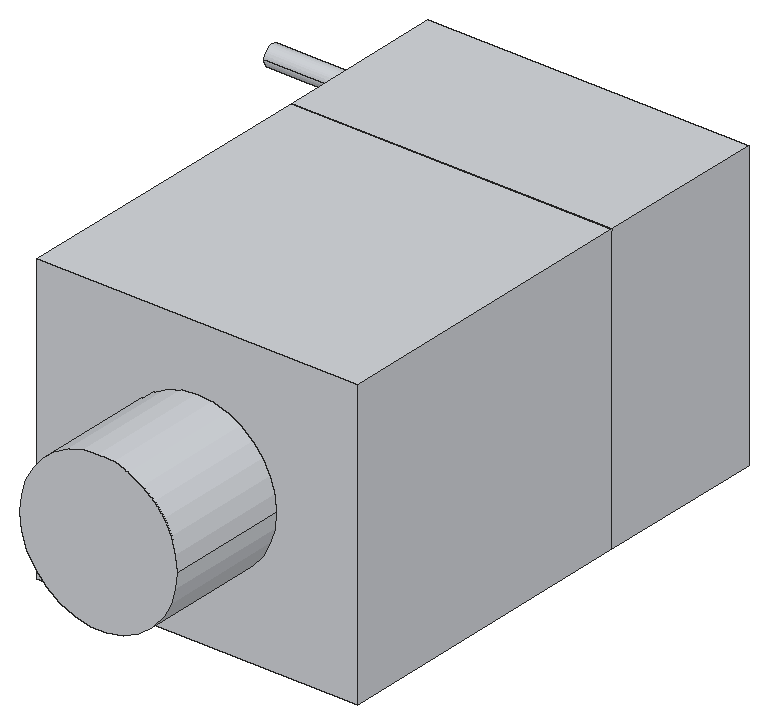
Revit family "EZTS+WITH 4 ROW HWC", category Mechanical Equipment, Revit 2018
Family settings
  Round Connector Dimension = Use Diameter
  Part Type = Normal
  OmniClass Number = 23.75.00.00
  OmniClass Title = Climate Control (HVAC)
  Work Plane-Based = No
  Always vertical = Yes
  Cut with Voids When Loaded = No
  Shared = No
  Room Calculation Point = No
Parameters (values of type "EZTS+0710 W/4 Coil LH NO Controller")
  Width = 1' - 2"
  URL = "https://www.anemostat-hvac.com/"
  Type Comments = ""
  RightController = no
  Power Right Controller = no
  Power Left Controller = no
  PipeVTwo = 0' - 1 1/4"
  PipeVOne = 0' - 1 1/4"
  PipeTwoRH = no
  PipeTwoLH = yes
  PipeRad = PipeDia / 2  # 0' - 0 7/16"
  PipeOneRH = no
  PipeOneLH = yes
  PipeLength = 0' - 4"
  PipeHTwo = 0' - 3 3/4"
  PipeHOne = Coil / 2.05 + Discharge  # 0' - 3.94817"
  PipeDia = 0' - 0 7/8"
  Model = "EZTS+"
  Manufacturer = "ANEMOSTAT PRODUCTS"
  Length = 1' - 2 1/2"
  LeftController = no
  Inlet_S = 0' - 5 3/8"
  InletRadius = InletDia / 2  # 0' - 3 7/16"
  InletDia = 0' - 6 7/8"
  Height = 1' - 0 1/2"
  HWCSlipDrive2Coil = 1' - 6 11/16"
  HWCSlipDrive3Coil = 1' - 7 3/4"
  HWCSlipDrive4Coil = 1' - 9 5/16"
  HWCSlipDrive1Coil = 1' - 5 5/8"
  HWCSlipDrive = 1' - 9 5/16"
  HWCOverlap = 0' - 0 5/8"
  EnslosureRear = 1' - 2 7/32"
  EnclosureWidth = 0' - 7 1/8"
  EnclosureHeight = 0' - 11 3/32"
  EnclosureFront = 0' - 3"
  EnclosureCenter = Height / 2  # 0' - 6 1/4"
  DischargeY = Height - 0' 1 1/4"  # 0' - 11 1/4"
  DischargeX = Width - 0' 1 1/4"  # 1' - 0 3/4"
  Discharge = 0' - 0 5/8"
  Description = "SINGLE DUCT AIR TERMINAL WITH JUMBO HOT WATER HEATING COIL"
  Coil = HWCSlipDrive - Length  # 0' - 6 13/16"
Types (42): name | Width | Type Comments | RightController | Power Right Controller | Power Left Controller | PipeTwoRH | PipeTwoLH | PipeOneRH | PipeOneLH | PipeHOne | Model | Manufacturer | Length | LeftController | InletRadius | InletDia | Height | HWCSlipDrive2Coil | HWCSlipDrive3Coil | HWCSlipDrive4Coil | HWCSlipDrive1Coil | HWCSlipDrive | EnclosureCenter | DischargeY | DischargeX | Description | Coil
  EZTS+0508 W/4 Coil LH NO Controller | 1' - 0" | "" | no | no | no | no | yes | no | yes | 0' - 3.94817" | "EZTS+" | "ANEMOSTAT PRODUCTS" | 1' - 0 1/2" | no | 0' - 2 7/16" | 0' - 4 7/8" | 0' - 10" | 1' - 4 11/16" | 1' - 5 3/4" | 1' - 7 5/16" | 1' - 3 5/8" | 1' - 7 5/16" | 0' - 5" | 0' - 8 3/4" | 0' - 10 3/4" | "SINGLE DUCT AIR TERMINAL WITH JUMBO HOT WATER HEATING COIL" | 0' - 6 13/16"
  EZTS+0608 W/4 Coil LH NO Controller | 1' - 0" | "" | no | no | no | no | yes | no | yes | 0' - 3.94817" | "EZTS+" | "ANEMOSTAT PRODUCTS" | 1' - 0 1/2" | no | 0' - 2 15/16" | 0' - 5 7/8" | 0' - 10" | 1' - 4 11/16" | 1' - 5 3/4" | 1' - 7 5/16" | 1' - 3 5/8" | 1' - 7 5/16" | 0' - 5" | 0' - 8 3/4" | 0' - 10 3/4" | "SINGLE DUCT AIR TERMINAL WITH JUMBO HOT WATER HEATING COIL" | 0' - 6 13/16"
  EZTS+0508 W/4 Coil LH W/Controller LH | 1' - 0" | "" | no | no | yes | no | yes | no | yes | 0' - 3.94817" | "EZTS+" | "ANEMOSTAT PRODUCTS" | 1' - 0 1/2" | yes | 0' - 2 7/16" | 0' - 4 7/8" | 0' - 10" | 1' - 4 11/16" | 1' - 5 3/4" | 1' - 7 5/16" | 1' - 3 5/8" | 1' - 7 5/16" | 0' - 5" | 0' - 8 3/4" | 0' - 10 3/4" | "SINGLE DUCT AIR TERMINAL WITH JUMBO HOT WATER HEATING COIL" | 0' - 6 13/16"
  EZTS+0608 W/4 Coil LH W/Controller LH | 1' - 0" | "" | no | no | yes | no | yes | no | yes | 0' - 3.94817" | "EZTS+" | "ANEMOSTAT PRODUCTS" | 1' - 0 1/2" | yes | 0' - 2 15/16" | 0' - 5 7/8" | 0' - 10" | 1' - 4 11/16" | 1' - 5 3/4" | 1' - 7 5/16" | 1' - 3 5/8" | 1' - 7 5/16" | 0' - 5" | 0' - 8 3/4" | 0' - 10 3/4" | "SINGLE DUCT AIR TERMINAL WITH JUMBO HOT WATER HEATING COIL" | 0' - 6 13/16"
  EZTS+0508 W/4 Coil LH W/Controller RH | 1' - 0" | "" | yes | yes | no | no | yes | no | yes | 0' - 3.94817" | "EZTS+" | "ANEMOSTAT PRODUCTS" | 1' - 0 1/2" | no | 0' - 2 7/16" | 0' - 4 7/8" | 0' - 10" | 1' - 4 11/16" | 1' - 5 3/4" | 1' - 7 5/16" | 1' - 3 5/8" | 1' - 7 5/16" | 0' - 5" | 0' - 8 3/4" | 0' - 10 3/4" | "SINGLE DUCT AIR TERMINAL WITH JUMBO HOT WATER HEATING COIL" | 0' - 6 13/16"
  EZTS+0608 W/4 Coil LH W/Controller RH | 1' - 0" | "" | yes | yes | no | no | yes | no | yes | 0' - 3.94817" | "EZTS+" | "ANEMOSTAT PRODUCTS" | 1' - 0 1/2" | no | 0' - 2 15/16" | 0' - 5 7/8" | 0' - 10" | 1' - 4 11/16" | 1' - 5 3/4" | 1' - 7 5/16" | 1' - 3 5/8" | 1' - 7 5/16" | 0' - 5" | 0' - 8 3/4" | 0' - 10 3/4" | "SINGLE DUCT AIR TERMINAL WITH JUMBO HOT WATER HEATING COIL" | 0' - 6 13/16"
  EZTS+0508 W/4 Coil RH NO Controller | 1' - 0" | "" | no | no | no | yes | no | yes | no | 0' - 3.94817" | "EZTS+" | "ANEMOSTAT PRODUCTS" | 1' - 0 1/2" | no | 0' - 2 7/16" | 0' - 4 7/8" | 0' - 10" | 1' - 4 11/16" | 1' - 5 3/4" | 1' - 7 5/16" | 1' - 3 5/8" | 1' - 7 5/16" | 0' - 5" | 0' - 8 3/4" | 0' - 10 3/4" | "SINGLE DUCT AIR TERMINAL WITH JUMBO HOT WATER HEATING COIL" | 0' - 6 13/16"
  EZTS+0608 W/4 Coil RH NO Controller | 1' - 0" | "" | no | no | no | yes | no | yes | no | 0' - 3.94817" | "EZTS+" | "ANEMOSTAT PRODUCTS" | 1' - 0 1/2" | no | 0' - 2 15/16" | 0' - 5 7/8" | 0' - 10" | 1' - 4 11/16" | 1' - 5 3/4" | 1' - 7 5/16" | 1' - 3 5/8" | 1' - 7 5/16" | 0' - 5" | 0' - 8 3/4" | 0' - 10 3/4" | "SINGLE DUCT AIR TERMINAL WITH JUMBO HOT WATER HEATING COIL" | 0' - 6 13/16"
  EZTS+0508 W/4 Coil RH W/Controller LH | 1' - 0" | "" | no | no | yes | yes | no | yes | no | 0' - 3.94817" | "EZTS+" | "ANEMOSTAT PRODUCTS" | 1' - 0 1/2" | yes | 0' - 2 7/16" | 0' - 4 7/8" | 0' - 10" | 1' - 4 11/16" | 1' - 5 3/4" | 1' - 7 5/16" | 1' - 3 5/8" | 1' - 7 5/16" | 0' - 5" | 0' - 8 3/4" | 0' - 10 3/4" | "SINGLE DUCT AIR TERMINAL WITH JUMBO HOT WATER HEATING COIL" | 0' - 6 13/16"
  EZTS+0608 W/4 Coil RH W/Controller LH | 1' - 0" | "" | no | no | yes | yes | no | yes | no | 0' - 3.94817" | "EZTS+" | "ANEMOSTAT PRODUCTS" | 1' - 0 1/2" | yes | 0' - 2 15/16" | 0' - 5 7/8" | 0' - 10" | 1' - 4 11/16" | 1' - 5 3/4" | 1' - 7 5/16" | 1' - 3 5/8" | 1' - 7 5/16" | 0' - 5" | 0' - 8 3/4" | 0' - 10 3/4" | "SINGLE DUCT AIR TERMINAL WITH JUMBO HOT WATER HEATING COIL" | 0' - 6 13/16"
  EZTS+0508 W/4 Coil RH W/Controller RH | 1' - 0" | "" | yes | yes | no | yes | no | yes | no | 0' - 3.94817" | "EZTS+" | "ANEMOSTAT PRODUCTS" | 1' - 0 1/2" | no | 0' - 2 7/16" | 0' - 4 7/8" | 0' - 10" | 1' - 4 11/16" | 1' - 5 3/4" | 1' - 7 5/16" | 1' - 3 5/8" | 1' - 7 5/16" | 0' - 5" | 0' - 8 3/4" | 0' - 10 3/4" | "SINGLE DUCT AIR TERMINAL WITH JUMBO HOT WATER HEATING COIL" | 0' - 6 13/16"
  EZTS+0608 W/4 Coil RH W/Controller RH | 1' - 0" | "" | yes | yes | no | yes | no | yes | no | 0' - 3.94817" | "EZTS+" | "ANEMOSTAT PRODUCTS" | 1' - 0 1/2" | no | 0' - 2 15/16" | 0' - 5 7/8" | 0' - 10" | 1' - 4 11/16" | 1' - 5 3/4" | 1' - 7 5/16" | 1' - 3 5/8" | 1' - 7 5/16" | 0' - 5" | 0' - 8 3/4" | 0' - 10 3/4" | "SINGLE DUCT AIR TERMINAL WITH JUMBO HOT WATER HEATING COIL" | 0' - 6 13/16"
  EZTS+0710 W/4 Coil LH NO Controller | 1' - 2" | "" | no | no | no | no | yes | no | yes | 0' - 3.94817" | "EZTS+" | "ANEMOSTAT PRODUCTS" | 1' - 2 1/2" | no | 0' - 3 7/16" | 0' - 6 7/8" | 1' - 0 1/2" | 1' - 6 11/16" | 1' - 7 3/4" | 1' - 9 5/16" | 1' - 5 5/8" | 1' - 9 5/16" | 0' - 6 1/4" | 0' - 11 1/4" | 1' - 0 3/4" | "SINGLE DUCT AIR TERMINAL WITH JUMBO HOT WATER HEATING COIL" | 0' - 6 13/16"
  EZTS+0810 W/4 Coil LH NO Controller | 1' - 2" | "" | no | no | no | no | yes | no | yes | 0' - 3.94817" | "EZTS+" | "ANEMOSTAT PRODUCTS" | 1' - 2 1/2" | no | 0' - 3 15/16" | 0' - 7 7/8" | 1' - 0 1/2" | 1' - 6 11/16" | 1' - 7 3/4" | 1' - 9 5/16" | 1' - 5 5/8" | 1' - 9 5/16" | 0' - 6 1/4" | 0' - 11 1/4" | 1' - 0 3/4" | "SINGLE DUCT AIR TERMINAL WITH JUMBO HOT WATER HEATING COIL" | 0' - 6 13/16"
  EZTS+0710 W/4 Coil RH NO Controller | 1' - 2" | "" | no | no | no | yes | no | yes | no | 0' - 3.94817" | "EZTS+" | "ANEMOSTAT PRODUCTS" | 1' - 2 1/2" | no | 0' - 3 7/16" | 0' - 6 7/8" | 1' - 0 1/2" | 1' - 6 11/16" | 1' - 7 3/4" | 1' - 9 5/16" | 1' - 5 5/8" | 1' - 9 5/16" | 0' - 6 1/4" | 0' - 11 1/4" | 1' - 0 3/4" | "Single Duct Assembly with Hot Water Coil" | 0' - 6 13/16"
  EZTS+0810 W/4 Coil RH NO Controller | 1' - 2" | "" | no | no | no | yes | no | yes | no | 0' - 3.94817" | "EZTS+" | "ANEMOSTAT PRODUCTS" | 1' - 2 1/2" | no | 0' - 3 15/16" | 0' - 7 7/8" | 1' - 0 1/2" | 1' - 6 11/16" | 1' - 7 3/4" | 1' - 9 5/16" | 1' - 5 5/8" | 1' - 9 5/16" | 0' - 6 1/4" | 0' - 11 1/4" | 1' - 0 3/4" | "Single Duct Assembly with Hot Water Coil" | 0' - 6 13/16"
  EZTS+0710 W/4 Coil LH W/Controller LH | 1' - 2" | "" | no | no | yes | no | yes | no | yes | 0' - 3.94817" | "EZTS+" | "ANEMOSTAT PRODUCTS" | 1' - 2 1/2" | yes | 0' - 3 7/16" | 0' - 6 7/8" | 1' - 0 1/2" | 1' - 6 11/16" | 1' - 7 3/4" | 1' - 9 5/16" | 1' - 5 5/8" | 1' - 9 5/16" | 0' - 6 1/4" | 0' - 11 1/4" | 1' - 0 3/4" | "SINGLE DUCT AIR TERMINAL WITH JUMBO HOT WATER HEATING COIL" | 0' - 6 13/16"
  EZTS+0810 W/4 Coil LH W/Controller LH | 1' - 2" | "" | no | no | yes | no | yes | no | yes | 0' - 3.94817" | "EZTS+" | "ANEMOSTAT PRODUCTS" | 1' - 2 1/2" | yes | 0' - 3 15/16" | 0' - 7 7/8" | 1' - 0 1/2" | 1' - 6 11/16" | 1' - 7 3/4" | 1' - 9 5/16" | 1' - 5 5/8" | 1' - 9 5/16" | 0' - 6 1/4" | 0' - 11 1/4" | 1' - 0 3/4" | "SINGLE DUCT AIR TERMINAL WITH JUMBO HOT WATER HEATING COIL" | 0' - 6 13/16"
  EZTS+0710 W/4 Coil LH W/Controller RH | 1' - 2" | "" | yes | yes | no | no | yes | no | yes | 0' - 3.94817" | "EZTS+" | "ANEMOSTAT PRODUCTS" | 1' - 2 1/2" | no | 0' - 3 7/16" | 0' - 6 7/8" | 1' - 0 1/2" | 1' - 6 11/16" | 1' - 7 3/4" | 1' - 9 5/16" | 1' - 5 5/8" | 1' - 9 5/16" | 0' - 6 1/4" | 0' - 11 1/4" | 1' - 0 3/4" | "SINGLE DUCT AIR TERMINAL WITH JUMBO HOT WATER HEATING COIL" | 0' - 6 13/16"
  EZTS+0810 W/4 Coil LH W/Controller RH | 1' - 2" | "" | yes | yes | no | no | yes | no | yes | 0' - 3.94817" | "EZTS+" | "ANEMOSTAT PRODUCTS" | 1' - 2 1/2" | no | 0' - 3 15/16" | 0' - 7 7/8" | 1' - 0 1/2" | 1' - 6 11/16" | 1' - 7 3/4" | 1' - 9 5/16" | 1' - 5 5/8" | 1' - 9 5/16" | 0' - 6 1/4" | 0' - 11 1/4" | 1' - 0 3/4" | "SINGLE DUCT AIR TERMINAL WITH JUMBO HOT WATER HEATING COIL" | 0' - 6 13/16"
  EZTS+0710 W/4 Coil RH W/Controller LH | 1' - 2" | "" | no | no | yes | yes | no | yes | no | 0' - 3.94817" | "EZTS+" | "ANEMOSTAT PRODUCTS" | 1' - 2 1/2" | yes | 0' - 3 7/16" | 0' - 6 7/8" | 1' - 0 1/2" | 1' - 6 11/16" | 1' - 7 3/4" | 1' - 9 5/16" | 1' - 5 5/8" | 1' - 9 5/16" | 0' - 6 1/4" | 0' - 11 1/4" | 1' - 0 3/4" | "SINGLE DUCT AIR TERMINAL WITH JUMBO HOT WATER HEATING COIL" | 0' - 6 13/16"
  EZTS+0810 W/4 Coil RH W/Controller LH | 1' - 2" | "" | no | no | yes | yes | no | yes | no | 0' - 3.94817" | "EZTS+" | "ANEMOSTAT PRODUCTS" | 1' - 2 1/2" | yes | 0' - 3 15/16" | 0' - 7 7/8" | 1' - 0 1/2" | 1' - 6 11/16" | 1' - 7 3/4" | 1' - 9 5/16" | 1' - 5 5/8" | 1' - 9 5/16" | 0' - 6 1/4" | 0' - 11 1/4" | 1' - 0 3/4" | "SINGLE DUCT AIR TERMINAL WITH JUMBO HOT WATER HEATING COIL" | 0' - 6 13/16"
  EZTS+0710 W/4 Coil RH W/Controller RH | 1' - 2" | "" | yes | yes | no | yes | no | yes | no | 0' - 3.94817" | "EZTS+" | "ANEMOSTAT PRODUCTS" | 1' - 2 1/2" | no | 0' - 3 7/16" | 0' - 6 7/8" | 1' - 0 1/2" | 1' - 6 11/16" | 1' - 7 3/4" | 1' - 9 5/16" | 1' - 5 5/8" | 1' - 9 5/16" | 0' - 6 1/4" | 0' - 11 1/4" | 1' - 0 3/4" | "SINGLE DUCT AIR TERMINAL WITH JUMBO HOT WATER HEATING COIL" | 0' - 6 13/16"
  EZTS+0810 W/4 Coil RH W/Controller RH | 1' - 2" | "" | yes | yes | no | yes | no | yes | no | 0' - 3.94817" | "EZTS+" | "ANEMOSTAT PRODUCTS" | 1' - 2 1/2" | no | 0' - 3 15/16" | 0' - 7 7/8" | 1' - 0 1/2" | 1' - 6 11/16" | 1' - 7 3/4" | 1' - 9 5/16" | 1' - 5 5/8" | 1' - 9 5/16" | 0' - 6 1/4" | 0' - 11 1/4" | 1' - 0 3/4" | "SINGLE DUCT AIR TERMINAL WITH JUMBO HOT WATER HEATING COIL" | 0' - 6 13/16"
  EZTS+1012 W/4 Coil LH NO Controller | 1' - 4" | "" | no | no | no | no | yes | no | yes | 0' - 3.94817" | "EZTS+" | "ANEMOSTAT PRODUCTS" | 1' - 6 1/2" | no | 0' - 4 15/16" | 0' - 9 7/8" | 1' - 3" | 1' - 10 11/16" | 1' - 11 3/4" | 2' - 1 5/16" | 1' - 9 5/8" | 2' - 1 5/16" | 0' - 7 1/2" | 1' - 1 3/4" | 1' - 2 3/4" | "EZTS+ W/ Hot Water Heating Coil" | 0' - 6 13/16"
  EZTS+1012 W/4 Coil RH NO Controller | 1' - 4" | "" | no | no | no | yes | no | yes | no | 0' - 3.94817" | "EZTS+" | "ANEMOSTAT PRODUCTS" | 1' - 6 1/2" | no | 0' - 4 15/16" | 0' - 9 7/8" | 1' - 3" | 1' - 10 11/16" | 1' - 11 3/4" | 2' - 1 5/16" | 1' - 9 5/8" | 2' - 1 5/16" | 0' - 7 1/2" | 1' - 1 3/4" | 1' - 2 3/4" | "EZTS+ W/ Hot Water Heating Coil" | 0' - 6 13/16"
  EZTS+1012 W/4 Coil LH W/Controller LH | 1' - 4" | "" | no | no | yes | no | yes | no | yes | 0' - 3.94817" | "EZTS+" | "ANEMOSTAT PRODUCTS" | 1' - 6 1/2" | yes | 0' - 4 15/16" | 0' - 9 7/8" | 1' - 3" | 1' - 10 11/16" | 1' - 11 3/4" | 2' - 1 5/16" | 1' - 9 5/8" | 2' - 1 5/16" | 0' - 7 1/2" | 1' - 1 3/4" | 1' - 2 3/4" | "EZTS+ W/ Hot Water Heating Coil" | 0' - 6 13/16"
  EZTS+1012 W/4 Coil LH W/Controller RH | 1' - 4" | "" | yes | yes | no | no | yes | no | yes | 0' - 3.94817" | "EZTS+" | "ANEMOSTAT PRODUCTS" | 1' - 6 1/2" | no | 0' - 4 15/16" | 0' - 9 7/8" | 1' - 3" | 1' - 10 11/16" | 1' - 11 3/4" | 2' - 1 5/16" | 1' - 9 5/8" | 2' - 1 5/16" | 0' - 7 1/2" | 1' - 1 3/4" | 1' - 2 3/4" | "EZTS+ W/ Hot Water Heating Coil" | 0' - 6 13/16"
  EZTS+1012 W/4 Coil RH W/Controller LH | 1' - 4" | "" | no | no | yes | yes | no | yes | no | 0' - 3.94817" | "EZTS+" | "ANEMOSTAT PRODUCTS" | 1' - 6 1/2" | yes | 0' - 4 15/16" | 0' - 9 7/8" | 1' - 3" | 1' - 10 11/16" | 1' - 11 3/4" | 2' - 1 5/16" | 1' - 9 5/8" | 2' - 1 5/16" | 0' - 7 1/2" | 1' - 1 3/4" | 1' - 2 3/4" | "EZTS+ W/ Hot Water Heating Coil" | 0' - 6 13/16"
  EZTS+1012 W/4 Coil RH W/Controller RH | 1' - 4" | "" | yes | yes | no | yes | no | yes | no | 0' - 3.94817" | "EZTS+" | "ANEMOSTAT PRODUCTS" | 1' - 6 1/2" | no | 0' - 4 15/16" | 0' - 9 7/8" | 1' - 3" | 1' - 10 11/16" | 1' - 11 3/4" | 2' - 1 5/16" | 1' - 9 5/8" | 2' - 1 5/16" | 0' - 7 1/2" | 1' - 1 3/4" | 1' - 2 3/4" | "EZTS+ W/ Hot Water Heating Coil" | 0' - 6 13/16"
  EZTS+1214 W/4 Coil LH NO Controller | 1' - 8" | "" | no | no | no | no | yes | no | yes | 0' - 3.70427" | "EZTS+" | "ANEMOSTAT PRODUCTS" | 1' - 6 1/2" | no | 0' - 5 15/16" | 0' - 11 7/8" | 1' - 5 1/2" | 1' - 10 11/16" | 1' - 11 3/4" | 2' - 0 13/16" | 1' - 9 5/8" | 2' - 0 13/16" | 0' - 8 3/4" | 1' - 4 1/4" | 1' - 6 3/4" | "SINGLE DUCT AIR TERMINAL WITH JUMBO HOT WATER HEATING COIL" | 0' - 6 5/16"
  EZTS+1214 W/4 Coil RH NO Controller | 1' - 8" | "" | no | no | no | yes | no | yes | no | 0' - 3.70427" | "EZTS+" | "ANEMOSTAT PRODUCTS" | 1' - 6 1/2" | no | 0' - 5 15/16" | 0' - 11 7/8" | 1' - 5 1/2" | 1' - 10 11/16" | 1' - 11 3/4" | 2' - 0 13/16" | 1' - 9 5/8" | 2' - 0 13/16" | 0' - 8 3/4" | 1' - 4 1/4" | 1' - 6 3/4" | "SINGLE DUCT AIR TERMINAL WITH JUMBO HOT WATER HEATING COIL" | 0' - 6 5/16"
  EZTS+1214 W/4 Coil LH W/Controller LH | 1' - 8" | "ANEMOSTAT PRODUCTS" | no | no | yes | no | yes | no | yes | 0' - 3.70427" | 0' - 0" | "EZTS+" | 1' - 6 1/2" | yes | 0' - 5 15/16" | 0' - 11 7/8" | 1' - 5 1/2" | 1' - 10 11/16" | 1' - 11 3/4" | 2' - 0 13/16" | 1' - 9 5/8" | 2' - 0 13/16" | 0' - 8 3/4" | 1' - 4 1/4" | 1' - 6 3/4" | "SINGLE DUCT AIR TERMINAL WITH JUMBO HOT WATER HEATING COIL" | 0' - 6 5/16"
  EZTS+1214 W/4 Coil LH W/Controller RH | 1' - 8" | "" | yes | yes | no | no | yes | no | yes | 0' - 3.70427" | "EZTS+" | "ANEMOSTAT PRODUCTS" | 1' - 6 1/2" | no | 0' - 5 15/16" | 0' - 11 7/8" | 1' - 5 1/2" | 1' - 10 11/16" | 1' - 11 3/4" | 2' - 0 13/16" | 1' - 9 5/8" | 2' - 0 13/16" | 0' - 8 3/4" | 1' - 4 1/4" | 1' - 6 3/4" | "SINGLE DUCT AIR TERMINAL WITH JUMBO HOT WATER HEATING COIL" | 0' - 6 5/16"
  EZTS+1214 W/4 Coil RH W/Controller LH | 1' - 8" | "" | no | no | yes | yes | no | yes | no | 0' - 3.70427" | "EZTS+" | "ANEMOSTAT PRODUCTS" | 1' - 6 1/2" | yes | 0' - 5 15/16" | 0' - 11 7/8" | 1' - 5 1/2" | 1' - 10 11/16" | 1' - 11 3/4" | 2' - 0 13/16" | 1' - 9 5/8" | 2' - 0 13/16" | 0' - 8 3/4" | 1' - 4 1/4" | 1' - 6 3/4" | "SINGLE DUCT AIR TERMINAL WITH JUMBO HOT WATER HEATING COIL" | 0' - 6 5/16"
  EZTS+1214 W/4 Coil RH W/Controller RH | 1' - 8" | "" | yes | yes | no | yes | no | yes | no | 0' - 3.70427" | "EZTS+" | "ANEMOSTAT PRODUCTS" | 1' - 6 1/2" | no | 0' - 5 15/16" | 0' - 11 7/8" | 1' - 5 1/2" | 1' - 10 11/16" | 1' - 11 3/4" | 2' - 0 13/16" | 1' - 9 5/8" | 2' - 0 13/16" | 0' - 8 3/4" | 1' - 4 1/4" | 1' - 6 3/4" | "SINGLE DUCT AIR TERMINAL WITH JUMBO HOT WATER HEATING COIL" | 0' - 6 5/16"
  EZTS+1416 W/4 Coil LH NO Controller | 2' - 0" | "" | no | no | no | no | yes | no | yes | 0' - 3.70427" | "EZTS+" | "ANEMOSTAT PRODUCTS" | 1' - 6 1/2" | no | 0' - 6 15/16" | 1' - 1 7/8" | 1' - 5 1/2" | 1' - 10 11/16" | 1' - 11 3/4" | 2' - 0 13/16" | 0' - 0" | 2' - 0 13/16" | 0' - 8 3/4" | 1' - 4 1/4" | 1' - 10 3/4" | "SINGLE DUCT AIR TERMINAL WITH JUMBO HOT WATER HEATING COIL" | 0' - 6 5/16"
  EZTS+1416 W/4 Coil RH NO Controller | 2' - 0" | "" | no | no | no | yes | no | yes | no | 0' - 3.70427" | "EZTS+" | "ANEMOSTAT PRODUCTS" | 1' - 6 1/2" | no | 0' - 6 15/16" | 1' - 1 7/8" | 1' - 5 1/2" | 1' - 10 11/16" | 1' - 11 3/4" | 2' - 0 13/16" | 0' - 0" | 2' - 0 13/16" | 0' - 8 3/4" | 1' - 4 1/4" | 1' - 10 3/4" | "SINGLE DUCT AIR TERMINAL WITH JUMBO HOT WATER HEATING COIL" | 0' - 6 5/16"
  EZTS+1416 W/4 Coil LH W/Controller LH | 2' - 0" | "" | no | no | yes | no | yes | no | yes | 0' - 3.70427" | "EZTS+" | "ANEMOSTAT PRODUCTS" | 1' - 6 1/2" | yes | 0' - 6 15/16" | 1' - 1 7/8" | 1' - 5 1/2" | 1' - 10 11/16" | 1' - 11 3/4" | 2' - 0 13/16" | 0' - 0" | 2' - 0 13/16" | 0' - 8 3/4" | 1' - 4 1/4" | 1' - 10 3/4" | "SINGLE DUCT AIR TERMINAL WITH JUMBO HOT WATER HEATING COIL" | 0' - 6 5/16"
  EZTS+1416 W/4 Coil LH W/Controller RH | 2' - 0" | "" | yes | yes | no | no | yes | no | yes | 0' - 3.70427" | "EZTS+" | "ANEMOSTAT PRODUCTS" | 1' - 6 1/2" | no | 0' - 6 15/16" | 1' - 1 7/8" | 1' - 5 1/2" | 1' - 10 11/16" | 1' - 11 3/4" | 2' - 0 13/16" | 0' - 0" | 2' - 0 13/16" | 0' - 8 3/4" | 1' - 4 1/4" | 1' - 10 3/4" | "SINGLE DUCT AIR TERMINAL WITH JUMBO HOT WATER HEATING COIL" | 0' - 6 5/16"
  EZTS+1416 W/4 Coil RH W/Controller LH | 2' - 0" | "" | no | no | yes | yes | no | yes | no | 0' - 3.70427" | "EZTS+" | "ANEMOSTAT PRODUCTS" | 1' - 6 1/2" | yes | 0' - 6 15/16" | 1' - 1 7/8" | 1' - 5 1/2" | 1' - 10 11/16" | 1' - 11 3/4" | 2' - 0 13/16" | 0' - 0" | 2' - 0 13/16" | 0' - 8 3/4" | 1' - 4 1/4" | 1' - 10 3/4" | "SINGLE DUCT AIR TERMINAL WITH JUMBO HOT WATER HEATING COIL" | 0' - 6 5/16"
  EZTS+1416 W/4 Coil RH W/Controller RH | 2' - 0" | "" | yes | yes | no | yes | no | yes | no | 0' - 3.70427" | "EZTS+" | "ANEMOSTAT PRODUCTS" | 1' - 6 1/2" | no | 0' - 6 15/16" | 1' - 1 7/8" | 1' - 5 1/2" | 1' - 10 11/16" | 1' - 11 3/4" | 2' - 0 13/16" | 0' - 0" | 2' - 0 13/16" | 0' - 8 3/4" | 1' - 4 1/4" | 1' - 10 3/4" | "EZTS+ W/ Hot Water Heating Coil" | 0' - 6 5/16"
Reference planes (in)
  plane 1 "Center (Front/Back)": y = 0
  plane 2: z = 0
  plane 3 "Center (Left/Right)": x = 0
  plane 4 "RightSide": x = 7
  plane 5 "LeftSide": x = -7
  plane 6 "InletSide": y = -7.25
  plane 7: y = 3.96875
  plane 8 "EnclosureFront": y = -10.25
  plane 9: x = 14.125
  plane 10: x = -14.125
  plane 11 "DischargeSide": y = 7.25
  plane 12: y = 6.625
  plane 13: z = 12.5
  plane 14: z = 6.25
  plane 15: z = 11.79687
  plane 16: z = 0.70313
  plane 17: x = 6.375
  plane 18: x = -6.375
  plane 19: z = 11.875
  plane 20: z = 0.625
  plane 21: y = 6
  plane 22 "HWC SlipNDrive": y = 14.0625
  plane 23: z = 1.25
  plane 24: y = 10.375
  plane 25: y = 10.57317
  plane 26: z = 11.25
Forms (in)
  Extrusion 1, solid
    sketch origin (0, 0, 0) x (1, 0, 0) y (0, 1, 0)
      loop
        line (7, 6.625) -> (-7, 6.625) -> (-7, -7.25) -> (7, -7.25) -> (7, 6.625)
    from 0 to 12.5
  Extrusion 2, solid
    sketch origin (0, -7.25, 0) x (1, 0, 0) y (0, 0, 1)
      loop
        circle (0, 6.25) r 3.4375
    from 0 to 5.375 <- "Inlet_S"
  Extrusion 3, solid
    sketch origin (0, 7.25, 0) x (1, 0, 0) y (0, 0, 1)
      loop
        line (-6.375, 11.875) -> (-6.375, 0.625) -> (6.375, 0.625) -> (6.375, 11.875) -> (-6.375, 11.875)
    from 0 to 0.625 <- "Discharge"
  Extrusion 4, solid
    sketch origin (0, 0, 0) x (1, 0, 0) y (0, 1, 0)
      loop
        line (7, 14.0625) -> (-7, 14.0625) -> (-7, 6.625) -> (7, 6.625) -> (7, 14.0625)
    from 0 to 12.5 <- "Height"
  Extrusion 5, solid, visible <- "PipeOneRH"
    sketch origin (7, 0, 0) x (0, -1, 0) y (0, 0, -1)
      loop
        circle (-10.57317, -11.25) r 0.4375
    from 0 to 4 <- "PipeLength"
  Extrusion 6, solid, visible <- "PipeTwoRH"
    sketch origin (7, 0, 0) x (0, -1, 0) y (0, 0, -1)
      loop
        circle (-10.375, -1.25) r 0.4375
    from 0 to 4 <- "PipeLength"
  Extrusion 7, solid, visible <- "PipeOneLH"
    sketch origin (-7, 0, 0) x (0, 1, 0) y (0, 0, -1)
      loop
        circle (10.57317, -11.25) r 0.4375
    from 0 to 4 <- "PipeLength"
  Extrusion 8, solid, visible <- "PipeTwoLH"
    sketch origin (-7, 0, 0) x (0, 1, 0) y (0, 0, -1)
      loop
        circle (10.375, -1.25) r 0.4375
    from 0 to 4 <- "PipeLength"
Dimensions and locks (in)
  equal spacing: plane 5 "LeftSide", plane 3 "Center (Left/Right)", plane 4 "RightSide"
  "EnclosureFront": plane 8 "EnclosureFront" to plane 6 "InletSide"
  "Width": plane 5 "LeftSide" to plane 4 "RightSide"
  "EnclosureWidth": plane 4 "RightSide" to plane 9
  "EnclosureWidth": plane 10 to plane 5 "LeftSide"
  equal spacing: plane 11 "DischargeSide", plane 1 "Center (Front/Back)", plane 6 "InletSide"
  "Length": plane 11 "DischargeSide" to plane 6 "InletSide"
  "EnslosureRear": plane 7 to plane 8 "EnclosureFront"
  "Discharge": plane 12 to plane 11 "DischargeSide"
  equal spacing: plane 15, plane 14, plane 16
  "EnclosureHeight": plane 15 to plane 16
  "EnclosureCenter": plane 14 to level
  "Height": plane 13 to level
  equal spacing: plane 17, plane 3 "Center (Left/Right)", plane 18
  "DischargeX": plane 17 to plane 18
  "Discharge": plane 13 to plane 19
  "Discharge": plane 20 to level
  plane 6 "InletSide" to plane 11 "DischargeSide" = 1' - 2 1/2"
  "HWCOverlap": plane 21 to plane 12
  "HWCSlipDrive": plane 22 "HWC SlipNDrive" to plane 6 "InletSide"
  "PipeHTwo": plane 24 to plane 12
  "PipeVTwo": plane 23 to level
  "PipeHOne": plane 25 to plane 12
  "PipeVOne": plane 13 to plane 26
  "InletRadius": radius of Extrusion 2 sketch curve
  "PipeRad": radius of Extrusion 5 sketch curve
  "PipeRad": radius of Extrusion 6 sketch curve
  "PipeRad": radius of Extrusion 7 sketch curve
  "PipeRad": radius of Extrusion 8 sketch curve
  aligned and locked: level to plane 2
  aligned and locked: plane 12 to Extrusion 1 sketch curve
  aligned and locked: plane 4 "RightSide" to Extrusion 1 sketch curve
  aligned and locked: plane 6 "InletSide" to Extrusion 1 sketch curve
  aligned and locked: plane 5 "LeftSide" to Extrusion 1 sketch curve
  aligned and locked: plane 13 to Extrusion 1
  aligned and locked: plane 19 to Extrusion 3 sketch curve
  aligned and locked: Extrusion 3 sketch curve to plane 18
  aligned and locked: plane 20 to Extrusion 3 sketch curve
  aligned and locked: plane 17 to Extrusion 3 sketch curve
  aligned and locked: nested 1 to plane 7
  aligned and locked: plane 4 "RightSide" to nested 1
  aligned and locked: nested 2 to plane 5 "LeftSide"
  aligned and locked: nested 2 to plane 7
  aligned and locked: plane 22 "HWC SlipNDrive" to Extrusion 4 sketch curve
  aligned and locked: plane 4 "RightSide" to Extrusion 4 sketch curve
  aligned and locked: Extrusion 4 sketch curve to Extrusion 1  (x2)
Automatic sketch dimensions
  Extrusion 2 sketch curve to plane 3 "Center (Left/Right)" = 0' - 0"
  Extrusion 2 sketch curve to plane 14 = 0' - 0"
  Extrusion 5 sketch curve to plane 25 = 0' - 0"
  Extrusion 5 sketch curve to plane 26 = 0' - 0"
  Extrusion 6 sketch curve to plane 23 = 0' - 0"
  Extrusion 6 sketch curve to plane 24 = 0' - 0"
  Extrusion 7 sketch curve to plane 25 = 0' - 0"
  Extrusion 7 sketch curve to plane 26 = 0' - 0"
  Extrusion 8 sketch curve to plane 23 = 0' - 0"
  Extrusion 8 sketch curve to plane 24 = 0' - 0"
Nested families (in)
  nested 1: "ControlEnclosure" at (7, 2.58942, 0), visible <- "RightController", type "Inlet Size 10 Enclosure Left"
    with EnclosureWidth 0' - 7 1/8", EnclosureHeight 0' - 11 3/32"
  nested 2: "ControlEnclosure" at (-7, 2.58942, 0) x (-1, 0, 0) z (0, 0, 1), visible <- "LeftController", type "Inlet Size 10 Enclosure Left"
    with EnclosureWidth 0' - 7 1/8", EnclosureHeight 0' - 11 3/32"
Connectors (in)
  hvac at (0, -12.625, 6.25), driven by "InletDia"
    settings: on Extrusion 2, index 1, duct flow 0 CFM, flow factor 0, pres drop 0.00 in-wg, loss coef 0, conn angle 0.00°, conn width 12", conn height 12", conn diameter 6 7/8", duct sys type 1, conn prof type 0, flow config 0, flow direction 1, loss method 0, conn ref index -1, conn util no, is conn primary yes, conn desc ""
  electrical at (-14.125, -3.14062, 6.25), driven by "Power Left Controller"
    settings: on nested 2, index 2, voltage 0 V, apparent load 0 VA, apparent load phase1 0 VA, apparent load phase2 0 VA, apparent load phase3 0 VA, power factor 1, load classification "Other", number of poles 1, system type 31, power factor state 1, is connector primary yes, connector utility no, sub classification motor no, connector description ""
  hvac at (0, 14.0625, 6.25), driven by "Height", driven by "Width"
    settings: on Extrusion 4, index 3, duct flow 0 CFM, flow factor 0, pres drop 0.00 in-wg, loss coef 0, conn angle 0.00°, conn width 14", conn height 12 1/2", conn diameter 24", duct sys type 3, conn prof type 1, flow config 0, flow direction 0, loss method 0, conn ref index -1, conn util no, is conn primary no, conn desc ""
  piping at (-11, 10.57317, 11.25), diameter 0.875, driven by "PipeDia", driven by "PipeOneLH"
    settings: on Extrusion 7, index 4, connector inside diameter 24", connector length 0' - 0", flow factor 0, pipe flow 0 GPM, pressure drop 0.00 psi, fitting loss kfactor 0, connector angle 0.00°, fixture units 0, engagement length 0' - 0", angle of deflection 0.00°, flow configuration 0, flow direction 2, fitting loss method 0, system type 8, joint type 0, gender type 0, connector reference index -1, connector utility 1, adjustable connector no, is connector primary yes, connector description ""
  piping at (-11, 10.375, 1.25), diameter 0.875, driven by "PipeDia", driven by "PipeTwoLH"
    settings: on Extrusion 8, index 5, connector inside diameter 24", connector length 0' - 0", flow factor 0, pipe flow 0 GPM, pressure drop 0.00 psi, fitting loss kfactor 0, connector angle 0.00°, fixture units 0, engagement length 0' - 0", angle of deflection 0.00°, flow configuration 0, flow direction 1, fitting loss method 0, system type 7, joint type 0, gender type 0, connector reference index -1, connector utility 1, adjustable connector no, is connector primary no, connector description ""
  piping at (11, 10.57317, 11.25), diameter 0.875, driven by "PipeDia", driven by "PipeOneRH"
    settings: on Extrusion 5, index 6, connector inside diameter 24", connector length 0' - 0", flow factor 0, pipe flow 0 GPM, pressure drop 0.00 psi, fitting loss kfactor 0, connector angle 0.00°, fixture units 0, engagement length 0' - 0", angle of deflection 0.00°, flow configuration 0, flow direction 2, fitting loss method 0, system type 8, joint type 0, gender type 0, connector reference index -1, connector utility 0, adjustable connector no, is connector primary no, connector description ""
  piping at (11, 10.375, 1.25), diameter 0.875, driven by "PipeDia", driven by "PipeTwoRH"
    settings: on Extrusion 6, index 7, connector inside diameter 24", connector length 0' - 0", flow factor 0, pipe flow 0 GPM, pressure drop 0.00 psi, fitting loss kfactor 0, connector angle 0.00°, fixture units 0, engagement length 0' - 0", angle of deflection 0.00°, flow configuration 0, flow direction 1, fitting loss method 0, system type 7, joint type 0, gender type 0, connector reference index -1, connector utility 0, adjustable connector no, is connector primary no, connector description ""
  electrical at (14.125, -3.14062, 6.25), driven by "Power Right Controller"
    settings: on nested 1, index 8, voltage 0 V, apparent load 0 VA, apparent load phase1 0 VA, apparent load phase2 0 VA, apparent load phase3 0 VA, power factor 1, load classification "Other", number of poles 1, system type 31, power factor state 1, is connector primary no, connector utility no, sub classification motor no, connector description ""
Definition of nested family "ControlEnclosure"
  Parameters (values of type "Enclosure")
    Width = 1' - 2"
    Lenght = 1' - 2 1/2"
    Height = 1' - 0 1/2"
    EnslosureRear = 1' - 2 7/32"
    EnclosureWidth = 0' - 7 1/8"
    EnclosureHeight = 0' - 11 3/32"
    EnclosureFront = 0' - 3"
    EnclosureCenter = Height / 2  # 0' - 6 1/4"
    DischargeY = 0' - 11 1/4"
    DischargeX = 1' - 0 3/4"
    Discharge = 0' - 0 5/8"
  Types (3): name | EnclosureWidth | EnclosureHeight
    Inlet Size 10 Enclosure Left | 0' - 11 3/32" | 0' - 7 1/8"
    Inlet Size 10 Enclosure Right | 0' - 7 1/8" | 0' - 6.00967"
    Enclosure | 0' - 7 1/8" | 0' - 11 3/32"
  Reference planes (in)
    plane 1 "Center (Front/Back)": y = 0
    plane 2: z = 0
    plane 3 "Center (Left/Right)": x = 0
    plane 4: x = 7
    plane 5: x = -7
    plane 6: y = -7.25
    plane 7: y = 1.37933
    plane 8: y = -12.83942
    plane 9 "EnclosureSide": x = 14.125
    plane 10: x = -14.125
    plane 11: y = 7.25
    plane 12: y = 6.625
    plane 13: z = 6.25
    plane 14: z = 11.79688
    plane 15: z = 0.70313
  Forms (in)
    Extrusion 1, solid
      sketch origin (0, 0, 0) x (0, 1, 0) y (0, 0, 1)
        loop
          line (1.37933, 11.79688) -> (-12.83942, 11.79688) -> (-12.83942, 0.70313) -> (1.37933, 0.70313) -> (1.37933, 11.79688)
      from 0 to 7.125 <- "EnclosureWidth"
  Dimensions and locks (in)
    equal spacing: plane 5, plane 3 "Center (Left/Right)", plane 4
    plane 8 to plane 6 = 0' - 5.58942"
    "Width": plane 5 to plane 4
    "EnclosureWidth": plane 4 to plane 9 "EnclosureSide"
    "EnclosureWidth": plane 10 to plane 5
    equal spacing: plane 11, plane 1 "Center (Front/Back)", plane 6
    "Lenght": plane 11 to plane 6
    "EnslosureRear": plane 7 to plane 8
    "Discharge": plane 12 to plane 11
    "EnclosureCenter": plane 13 to level
    equal spacing: plane 15, plane 13, plane 14
    "EnclosureHeight": plane 15 to plane 14
    aligned and locked: level to plane 2
    aligned and locked: Extrusion 1 sketch curve to plane 7
    aligned and locked: Extrusion 1 sketch curve to plane 14
    aligned and locked: Extrusion 1 sketch curve to plane 8
    aligned and locked: Extrusion 1 sketch curve to plane 15
